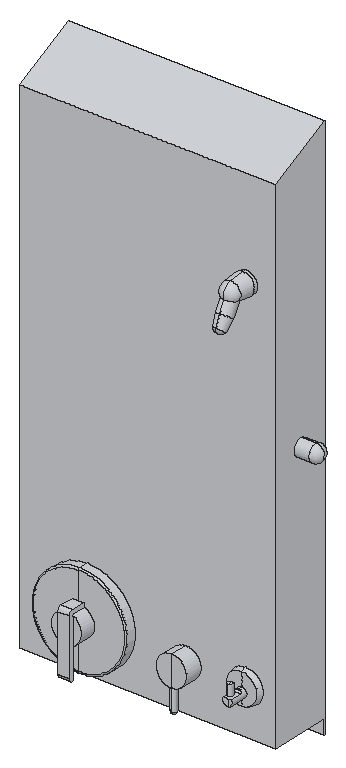
Revit family "Shower_Panel-Willoughby-CWSMS-ADA-WH-L", category Plumbing Fixtures, Revit 2015
Parameters
  URL = "https://www.willoughby-ind.com/wp-content/uploads/2018/01/CWSMS-ADA-WH.pdf"
  Revision = "A"
  Model = "CWSMS-ADA-WH-L"
  Manufacturer = "Willoughby Industries"
  Description = "Wide Housing, ADA-Compliant, Surface Mounted Wall Shower, Left Hand Controls"
  Contact Info = "(800) 428-4065"
Reference planes (in)
  plane 1 "Center (Front/Back)": y = 0
  plane 2: z = 0
  plane 3 "Center (Left/Right)": x = 0
Forms (in)
  Extrusion 1, solid
    sketch origin (0, 0, 0) x (0, 1, 0) y (0, 0, 1)
      loop
        line (0, 0) -> (0, 36.5) -> (-4, 34.4421) -> (-4, 0.9421) -> (-0.06, 0.9421) -> (-0.06, 0) -> (0, 0)
    from -8.5 to 8.5
  Revolve 2, solid
    sketch origin (6.5, 0, 0) x (0, 1, 0) y (0, 0, 1)
      loop
        line (-4, 27.9421) -> (-4, 28.6776) -> (-4.2455, 28.6776) -> (-5.2455, 28.5631)
        arc (-5.2455, 28.5631) -> (-5.68461, 28.38121) -> (-5.8665, 27.9421) r 0.621
        line (-5.8665, 27.9421) -> (-4, 27.9421)
      axis (-5.8665, 27.9421) -> (-4, 27.9421)
    angle from 0 to 360
  Revolve 3, solid
    sketch origin (6.5, 0, 0) x (0, 1, 0) y (0, 0, 1)
      loop
        arc (-6.3076, 25.9021) -> (-6.07752, 25.84827) -> (-5.84743, 25.9021) r 0.51866
        line (-5.84743, 25.9021) -> (-5.35414, 26.55369) -> (-4.69697, 27.69213) -> (-5.13, 27.9421) -> (-6.3076, 25.9021)
      axis (-6.3076, 25.9021) -> (-5.13, 27.9421)
    angle from 0 to 360
  Revolve 4, solid
    sketch origin (0, -2, 0) x (-1, 0, 0) y (0, 0, -1)
      loop
        line (-8.5, -18) -> (-10.0846, -18)
        arc (-10.0846, -18) -> (-9.92073, -18.39563) -> (-9.5251, -18.5595) r 0.5595
        line (-9.5251, -18.5595) -> (-8.5, -18.5595) -> (-8.5, -18)
      axis (-10.0846, -18) -> (-8.5, -18)
    angle from 0 to 360
  Revolve 5, solid
    sketch origin (6.5, 0, 0) x (0, 1, 0) y (0, 0, -1)
      loop
        line (-4, -3.9421) -> (-4.36, -3.9421) -> (-4.36, -4.96514) -> (-4, -5.0616) -> (-4, -3.9421)
      axis (-4, -3.9421) -> (-4.36, -3.9421)
    angle from 0 to 360
  Revolve 6, solid
    sketch origin (6.5, 0, 0) x (0, 1, 0) y (0, 0, -1)
      loop
        line (-4.36, -3.41106) -> (-5.53, -3.41106) -> (-5.53, -3.72356) -> (-4.36, -3.72356) -> (-4.36, -3.41106)
      axis (-5.53, -3.72356) -> (-4.36, -3.72356)
    angle from 0 to 360
  Extrusion 7, void
    sketch origin (6.5, 0, 0) x (0, 1, 0) y (0, 0, -1)
      loop
        line (-5.53, -4.03606) -> (-4.63, -4.03606) -> (-4.63, -3.97806)
        arc (-4.63, -3.97806) -> (-4.65929, -3.90735) -> (-4.73, -3.87806) r 0.1
        line (-4.73, -3.87806) -> (-5.53, -3.87806) -> (-5.53, -4.03606)
    from -0.5 to 0.5
  Revolve 8, solid
    sketch origin (6.5, 0, 0) x (0, 1, 0) y (0, 0, -1)
      loop
        line (-5.505, -3.87806) -> (-5.505, -4.67806) -> (-5.33, -4.67806) -> (-5.33, -3.87806) -> (-5.505, -3.87806)
      axis (-5.33, -4.67806) -> (-5.33, -3.87806)
    angle from 0 to 360
  Revolve 9, solid
    sketch origin (2.5, 0, 0) x (0, 1, 0) y (0, 0, -1)
      loop
        line (-4, -3.9421) -> (-5.1769, -3.9421) -> (-5.1769, -4.9421) -> (-4, -4.9421) -> (-4, -3.9421)
      axis (-5.1769, -3.9421) -> (-4, -3.9421)
    angle from 0 to 360
  Revolve 10, solid
    sketch origin (2.5, 0, 0) x (0, 1, 0) y (0, 0, -1)
      loop
        line (-5.1769, -2.9421) -> (-4.9901, -2.9421) -> (-4.9901, -1.3563)
        arc (-4.9901, -1.3563) -> (-5.12219, -1.41101) -> (-5.1769, -1.5431) r 0.1868
        line (-5.1769, -1.5431) -> (-5.1769, -2.9421)
      axis (-4.9901, -2.9421) -> (-4.9901, -1.3563)
    angle from 0 to 360
  Revolve 11, solid
    sketch origin (-4, 0, 0) x (0, 1, 0) y (0, 0, -1)
      loop
        line (-4, -4.4421) -> (-5.7384, -4.4421) -> (-5.7384, -5.4421) -> (-4.7295, -5.4421) -> (-4.7295, -7.4744)
        arc (-4.7295, -7.4744) -> (-4.70314, -7.53804) -> (-4.6395, -7.5644) r 0.09
        line (-4.6395, -7.5644) -> (-4, -7.5644) -> (-4, -4.4421)
      axis (-5.7384, -4.4421) -> (-4, -4.4421)
    angle from 0 to 360
  Extrusion 12, solid
    sketch origin (-4, 0, 0) x (0, 1, 0) y (0, 0, -1)
      loop
        line (-4.8045, -5.4069) -> (-5.6795, -5.4069) -> (-5.6795, -1.4439) -> (-5.742, -1.4439)
        arc (-5.742, -1.4439) -> (-5.91371, -1.51219) -> (-5.9916, -1.67976) r 0.25
        line (-5.9916, -1.67976) -> (-5.9916, -5.44)
        arc (-5.9916, -5.44) -> (-5.91838, -5.61678) -> (-5.7416, -5.69) r 0.25
        line (-5.7416, -5.69) -> (-4.8045, -5.69) -> (-4.8045, -5.4069)
    from -0.375 to 0.375
  Extrusion 13, solid
    sketch origin (0, 0, 0) x (1, 0, 0) y (0, 0, 1)
      loop
        circle (-3, 5.5) r 0.25
      loop
        circle (3, 5.5) r 0.25
    from -0.125 to 2
Cuts and joins
  Extrusion 7 cuts Revolve 6
  Extrusion 7 cuts Revolve 8
Dimensions and locks (in)
  aligned and locked: level to plane 2
  aligned and locked: Revolve 2 sketch curve to Revolve 2 sketch curve
  aligned and locked: Revolve 3 sketch curve to Revolve 3 sketch curve
  aligned and locked: Revolve 4 sketch curve to Revolve 4 sketch curve  (x2)
  aligned and locked: Revolve 5 sketch curve to Revolve 5 sketch curve  (x2)
  aligned and locked: Revolve 6 sketch curve to Revolve 6 sketch curve  (x2)
  aligned and locked: Revolve 8 sketch curve to Revolve 8 sketch curve  (x2)
  aligned and locked: Revolve 9 sketch curve to Revolve 9 sketch curve  (x2)
  aligned and locked: Revolve 10 sketch curve to Revolve 10 sketch curve  (x3)
  aligned and locked: Revolve 11 sketch curve to Revolve 11 sketch curve  (x2)
Connectors (in)
  piping at (3, 0.125, 5.5), diameter 0.5
    settings: on Extrusion 13, index 1, connector inside diameter 24", connector length 0' - 0", flow factor 0, pipe flow 0 GPM, pressure drop 0.00 psi, fitting loss kfactor 0, connector angle 0.00°, fixture units 0, engagement length 0' - 0", angle of deflection 0.00°, flow configuration 0, flow direction 0, fitting loss method 0, system type 20, joint type 0, gender type 0, connector reference index -1, connector utility 0, adjustable connector no, is connector primary yes, connector description ""
  piping at (-3, 0.125, 5.5), diameter 0.5
    settings: on Extrusion 13, index 2, connector inside diameter 24", connector length 0' - 0", flow factor 0, pipe flow 0 GPM, pressure drop 0.00 psi, fitting loss kfactor 0, connector angle 0.00°, fixture units 0, engagement length 0' - 0", angle of deflection 0.00°, flow configuration 0, flow direction 0, fitting loss method 0, system type 19, joint type 0, gender type 0, connector reference index -1, connector utility 0, adjustable connector no, is connector primary no, connector description ""
